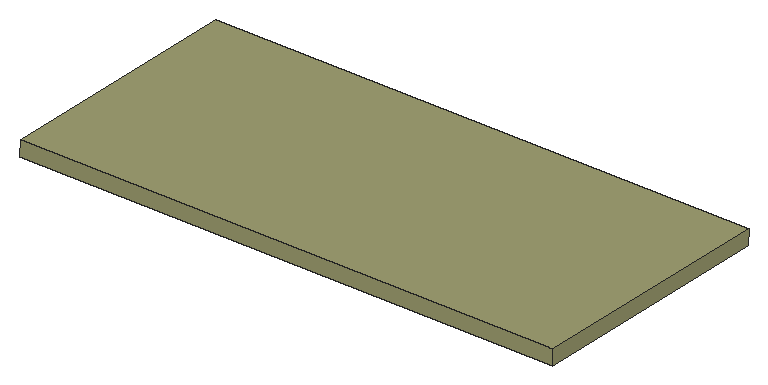
Revit family "Ecowool Classic Ventiliner", category Generic Models, host Face, Revit 2020
Family settings
  Host = Face
  Can host rebar = No
  Round Connector Dimension = Use Diameter
  Part Type = Normal
  Cut with Voids When Loaded = No
  Shared = No
  Room Calculation Point = No
Parameters (values of type "Ventliner EWBL 1.50")
  Width [instance] = 800 mm
  URL = "www.ecowool.com.my"
  Type of Insulation = "Glass Mineral Wool Blanket"
  Thermal R value = 1.5
  Thermal K value = 0.0327
  Remarks = ""
  Material Specification = ""
  Manufacturer = "PGF Insulation Sdn. Bhd."
  Insulation Thickness = 50 mm
  Length(mm) [instance] = 1740 mm
  Finish = Classic Ventiliner
  ECOWOOL Product thickness in mm = ""
  Description = "ECOWOOL Brownie blanket and slabs are resilient, non-combustible, glass mineral wool products, supplied at roofing and walling application for residential and commercial building"
  Density = 32.00 kg/m³
  Default Elevation = 1219.2 mm
Types (3, lengths in mm): name | Thermal R value | Insulation Thickness
  (no name) | 1.5 | 50
  Ventliner EWBL 0.75 | 0.75 | 25
  Ventliner EWBL 1.50 | 1.5 | 50
Reference planes
  plane 1 "Center (Front/Back)": y = 0
  plane 2: z = 0
  plane 3 "Center (Left/Right)": x = 0
  plane 4: x = 1740
  plane 5: y = -400
  plane 6: y = 400
Forms (mm)
  Sweep 1, solid, material "Classic Ventiliner" <- "Finish"
    path origin (0, 0, 0) x (1, 0, 0) y (0, 1, 0)
      loop
        line (0, 0) -> (1740, 0)
    profile origin (870, 0, 0) x (0, 1, 0) y (0, 0, 1)
      loop
        line (-400, 50) -> (-400, 0) -> (400, 0) -> (400, 50) -> (-400, 50)
Lines and regions (mm)
  reference lines
    curve 1: line (0, 0, 0) -> (1740, 0, 0)
Dimensions and locks
  "Width": plane 5 to plane 6
  equal spacing: plane 5, plane 1 "Center (Front/Back)", plane 6
  "Length(mm)": plane 3 "Center (Left/Right)" to plane 4
  "Insulation Thickness": host face to Sweep 1 sketch curve
  aligned and locked: plane 2 to host face
  aligned and locked: level to host face
  aligned and locked: plane 3 "Center (Left/Right)" to curve 1
  aligned and locked: plane 4 to curve 1
  aligned and locked: plane 3 "Center (Left/Right)" to Sweep 1 sketch curve
  aligned and locked: plane 4 to Sweep 1 sketch curve
  aligned and locked: level to Sweep 1 sketch curve
  aligned and locked: plane 6 to Sweep 1 sketch curve
  aligned and locked: Sweep 1 sketch curve to plane 5
Automatic sketch dimensions
  host sketch curve to host sketch curve = 1616.306 mm
  host sketch curve to host sketch curve = 2438.4 mm
  plane 1 "Center (Front/Back)" to curve 1 = 0 mm
  plane 1 "Center (Front/Back)" to Sweep 1 sketch curve = 0 mm
